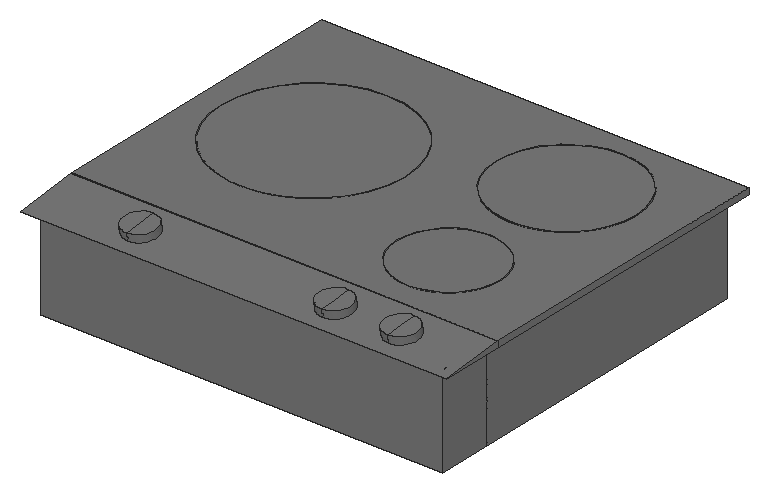
Revit family "VI263620", category Generic Models, Revit 2014
Parameters (values of type "VI263620")
  Width = 580 mm
  URL = "http://www.gaggenau.com."
  Model = "VI263620"
  Manufacturer = "Gaggenau"
  Height = 133 mm
  Unit = Black
  Description = "Gaggenau Vario 200 Series 4 induction cooktop"
  Depth = 512 mm
  Burner = Black
  Adjustment = Black
Reference planes
  plane 1 "Center (Front/Back)": y = 0
  plane 2: z = 0
  plane 3 "Center (Left/Right)": x = 0
  plane 4: x = -290
  plane 5: x = 290
  plane 6: y = 256
  plane 7: y = -256
  plane 8: z = 133
  plane 9: z = 124.5
Forms (mm)
  Extrusion 1, solid, material "Black" <- "Unit"
    sketch origin (0, 0, 0) x (1, 0, 0) y (0, 1, 0)
      loop
        line (-290, 256) -> (-290, -168.935) -> (290, -168.935) -> (290, 256) -> (-290, 256)
      loop
        circle (-133.955, 46.922) r 125
      loop
        circle (140, 134.109) r 95
      loop
        circle (140, -66.091) r 70
    from 124.5 to 133
  Extrusion 2, solid, material "Black" <- "Unit"
    sketch origin (0, 0, 0) x (0, 1, 0) y (0, 0, 1)
      loop
        line (-168.935, 133) -> (-256, 124.5) -> (-168.935, 124.5) -> (-168.935, 133)
    from -290 to 290
  Extrusion 3, solid, material "Black" <- "Unit"
    sketch origin (0, 0, 0) x (0, 1, 0) y (0, 0, 1)
      loop
        line (-168.935, 0) -> (-168.935, 124.5) -> (-244.036, 124.5) -> (-244.036, 0) -> (-168.935, 0)
    from -271.611 to 275
  Revolve 4, solid, material "Black" <- "Adjustment"
    sketch origin (195, 13.611, 18.146) x (0, 0.994972, 0.100156) y (0, -0.100156, 0.994972)
      loop
        line (-193.106, 132.266) -> (-193.106, 142.699) -> (-215.538, 142.699) -> (-215.538, 132.266) -> (-193.106, 132.266)
      axis (-215.538, 132.266) -> (-215.538, 142.699)
    angle from 0 to 360
  Extrusion 5, solid, material "Black" <- "Unit"
    sketch origin (0, 0, 0) x (0, 1, 0) y (0, 0, 1)
      loop
        line (-168.935, 124.5) -> (-168.935, 0) -> (238.418, 0) -> (238.418, 124.5) -> (-168.935, 124.5)
    from -271.611 to 275
  Extrusion 6, solid, material "Black" <- "Burner"
    sketch origin (0, 0, 133) x (1, 0, 0) y (0, 1, 0)
      loop
        circle (140, 134.109) r 95
      loop
        circle (140, -66.091) r 70
      loop
        circle (-133.955, 46.922) r 125
    from 0 to -8.5
  Revolve 7, solid, material "Black" <- "Adjustment"
    sketch origin (105, 13.611, 18.146) x (0, 0.994972, 0.100156) y (0, -0.100156, 0.994972)
      loop
        line (-193.106, 132.266) -> (-193.106, 142.699) -> (-215.538, 142.699) -> (-215.538, 132.266) -> (-193.106, 132.266)
      axis (-215.538, 132.266) -> (-215.538, 142.699)
    angle from 0 to 360
  Revolve 8, solid, material "Black" <- "Adjustment"
    sketch origin (-160, 13.611, 18.146) x (0, 0.994972, 0.100156) y (0, 0.100156, -0.994972)
      loop
        line (-193.106, -132.266) -> (-215.538, -132.266) -> (-215.538, -142.699) -> (-193.106, -142.699) -> (-193.106, -132.266)
      axis (-215.538, -132.266) -> (-215.538, -142.699)
    angle from 0 to 360
Dimensions and locks
  equal spacing: plane 4, plane 3 "Center (Left/Right)", plane 5
  equal spacing: plane 6, plane 1 "Center (Front/Back)", plane 7
  "Width": plane 4 to plane 5
  "Depth": plane 6 to plane 7
  "Height": plane 8 to plane 2
  locked: plane 8 to plane 9 at 8.5
  plane 9 to level = 124.5 mm
  aligned and locked: level to plane 2
Automatic sketch dimensions
  Extrusion 1 sketch curve to plane 4 = 0 mm
  Extrusion 1 sketch curve to plane 5 = 0 mm
  Extrusion 1 sketch curve to plane 6 = 0 mm
  Extrusion 1 sketch curve to plane 7 = 87.065 mm
  Extrusion 2 sketch curve to plane 7 = 0 mm
  Extrusion 2 sketch curve to plane 9 = 0 mm
  Extrusion 2 sketch curve to plane 8 = 0 mm
  Extrusion 2 sketch curve to plane 7 = 87.065 mm
  Extrusion 3 sketch curve to level = 0 mm
  Extrusion 3 sketch curve to plane 9 = 0 mm
  Extrusion 3 sketch curve to plane 7 = 11.964 mm
  Extrusion 3 sketch curve to Extrusion 3 sketch curve = 75.101 mm
  plane 9 to Revolve 4 sketch curve = 3.659 mm
  Revolve 4 sketch curve to plane 7 = 41.91 mm
  Revolve 4 sketch curve to Revolve 4 sketch curve = 22.432 mm
  Revolve 4 sketch curve to Revolve 4 sketch curve = 10.433 mm
  Revolve 4 sketch curve to Revolve 4 sketch curve = 0 mm
  Revolve 4 sketch curve to Revolve 4 sketch curve = 4.279 mm
  Revolve 4 sketch curve to Revolve 4 sketch curve = 2.893 mm
  Extrusion 5 sketch curve to level = 0 mm
  Extrusion 5 sketch curve to plane 9 = 0 mm
  Extrusion 5 sketch curve to plane 7 = 87.065 mm
  Extrusion 5 sketch curve to plane 6 = 17.582 mm
  plane 9 to Revolve 7 sketch curve = 3.659 mm
  Revolve 7 sketch curve to plane 7 = 41.91 mm
  Revolve 7 sketch curve to Revolve 7 sketch curve = 22.432 mm
  Revolve 7 sketch curve to Revolve 7 sketch curve = 10.433 mm
  Revolve 7 sketch curve to Revolve 7 sketch curve = 0 mm
  Revolve 7 sketch curve to Revolve 7 sketch curve = 4.279 mm
  Revolve 7 sketch curve to Revolve 7 sketch curve = 2.893 mm
  plane 9 to Revolve 8 sketch curve = 3.659 mm
  Revolve 8 sketch curve to plane 7 = 41.91 mm
  Revolve 8 sketch curve to Revolve 8 sketch curve = 22.432 mm
  Revolve 8 sketch curve to Revolve 8 sketch curve = 10.433 mm
  Revolve 8 sketch curve to Revolve 8 sketch curve = 0 mm
  Revolve 8 sketch curve to Revolve 8 sketch curve = 4.279 mm
  Revolve 8 sketch curve to Revolve 8 sketch curve = 2.893 mm
  Extrusion 6 sketch curve to Extrusion 6 sketch curve = 0 mm  (x4)
  Extrusion 6 sketch curve to Extrusion 1 = 156.045 mm
  Extrusion 6 sketch curve to Extrusion 1 = 150 mm  (x2)
  Extrusion 6 sketch curve to Extrusion 1 = 102.843 mm
  Extrusion 6 sketch curve to Extrusion 1 = 209.078 mm
  Extrusion 6 sketch curve to Extrusion 1 = 121.891 mm
  Extrusion 6 sketch curve to Extrusion 6 sketch curve = 95 mm
  Extrusion 6 sketch curve to Extrusion 6 sketch curve = 70 mm
  Extrusion 1 sketch curve to plane 1 "Center (Front/Back)" = 46.922 mm
  Extrusion 1 sketch curve to plane 3 "Center (Left/Right)" = 133.955 mm
  plane 4 to Extrusion 1 sketch curve = 31.045 mm
  plane 3 "Center (Left/Right)" to Extrusion 1 sketch curve = 140 mm  (x2)
  Extrusion 1 sketch curve to plane 6 = 121.891 mm
  plane 3 "Center (Left/Right)" to Extrusion 1 sketch curve = 45 mm
  Extrusion 1 sketch curve to Extrusion 1 sketch curve = 0 mm  (x2)
  plane 1 "Center (Front/Back)" to Extrusion 1 sketch curve = 66.091 mm
  plane 3 "Center (Left/Right)" to Extrusion 1 sketch curve = 70 mm
  radius of Extrusion 6 sketch curve = 125 mm
